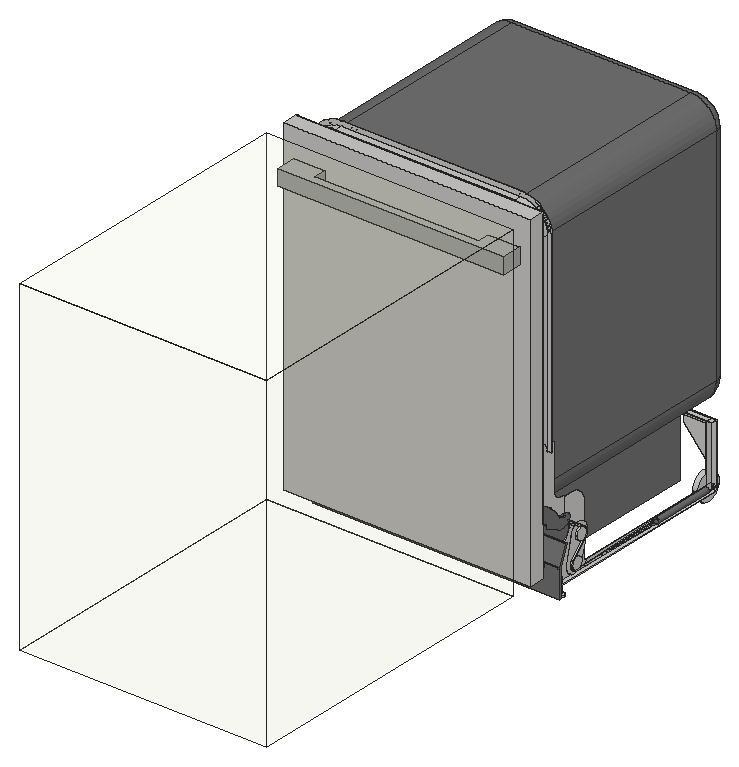
Revit family "P190780JX-055c_JDTSS246GM_Dish_Dishwashers", category Specialty Equipment, Revit 2026 (continued)
Automatic sketch dimensions
  Extrusion 37 sketch curve to Extrusion 37 sketch curve = 0.07354"
  Extrusion 37 sketch curve to Extrusion 37 sketch curve = 0.01784"
  level to Extrusion 37 sketch curve = 1.43771"
  Extrusion 37 sketch curve to Extrusion 37 sketch curve = 0.27285"
  Extrusion 37 sketch curve to Extrusion 37 sketch curve = 0.19875"
  Extrusion 37 sketch curve to Extrusion 37 sketch curve = 0.40743"
  level to Extrusion 37 sketch curve = 1.45221"
  Extrusion 37 sketch curve to Extrusion 37 sketch curve = 0.7705"
  Extrusion 37 sketch curve to Extrusion 37 sketch curve = 0.01236"
  level to Extrusion 37 sketch curve = 1.42092"
  Extrusion 37 sketch curve to Extrusion 37 sketch curve = 0.02328"
  level to Extrusion 37 sketch curve = 2.41085"
  Extrusion 37 sketch curve to Extrusion 37 sketch curve = 0.41239"
  level to Extrusion 37 sketch curve = 2.43249"
  Extrusion 37 sketch curve to Extrusion 37 sketch curve = 2.03913"
  Extrusion 37 sketch curve to Extrusion 37 sketch curve = 0.01738"
  Extrusion 37 sketch curve to Extrusion 37 sketch curve = 0.09487"
  Extrusion 37 sketch curve to Extrusion 37 sketch curve = 0.00092"
  Extrusion 37 sketch curve to Extrusion 37 sketch curve = 0.07729"
  Extrusion 37 sketch curve to Extrusion 37 sketch curve = 0.01583"
  Extrusion 37 sketch curve to Extrusion 37 sketch curve = 0.11747"
  Extrusion 37 sketch curve to Extrusion 37 sketch curve = 1.17962"
  Extrusion 37 sketch curve to Extrusion 37 sketch curve = 0.02696"
  Extrusion 37 sketch curve to Extrusion 37 sketch curve = 0.14276"
  Extrusion 37 sketch curve to Extrusion 37 sketch curve = 0.00058"
  Extrusion 37 sketch curve to Extrusion 37 sketch curve = 0.02567"
  Extrusion 37 sketch curve to Extrusion 37 sketch curve = 0.472"
  level to Extrusion 38 sketch curve = 2.09356"
  Extrusion 38 sketch curve to Extrusion 38 sketch curve = 0.55742"
  Extrusion 38 sketch curve to Extrusion 38 sketch curve = 0.81924"
  Extrusion 38 sketch curve to Extrusion 38 sketch curve = 0.92245"
  level to Extrusion 38 sketch curve = 1.65372"
  Extrusion 38 sketch curve to Extrusion 38 sketch curve = 205/256"
  level to Extrusion 38 sketch curve = 4.05493"
  Extrusion 38 sketch curve to Extrusion 38 sketch curve = 0.90164"
  Extrusion 38 sketch curve to Extrusion 38 sketch curve = 0.28594"
  Extrusion 39 sketch curve to Extrusion 38 = 0.84124"
  Extrusion 39 sketch curve to Extrusion 38 = 0.84877"
  Extrusion 39 sketch curve to Extrusion 39 sketch curve = 0.62586"
  Extrusion 39 sketch curve to Extrusion 39 sketch curve = 2.31949"
  Extrusion 20 to Extrusion 40 sketch curve = 0.25217"
  Extrusion 40 sketch curve to Extrusion 20 = 0.45207"
  Extrusion 41 sketch curve to Extrusion 20 = 0.45207"
  Extrusion 41 sketch curve to Extrusion 20 = 22.80934"
  Extrusion 20 to Extrusion 42 sketch curve = 17/64"
  Extrusion 20 to Extrusion 42 sketch curve = 0.27514"
  plane 1 "Center (Front/Back)" to Extrusion 43 sketch curve = 2 1/8"
  level to Extrusion 43 sketch curve = 1.27514"
  plane 5 to Extrusion 44 sketch curve = 0"
  plane 4 to Extrusion 44 sketch curve = 0"
  Extrusion 44 sketch curve to plane 6 = 0"
  level to Extrusion 44 sketch curve = 2.69323"
  plane 5 to Extrusion 45 sketch curve = 0.65892"
  Extrusion 45 sketch curve to Extrusion 45 sketch curve = 1/8"
  Extrusion 45 sketch curve to Extrusion 45 sketch curve = 1/32"
  Extrusion 45 to Extrusion 46 sketch curve = 0"  (x2)
  Extrusion 46 sketch curve to Extrusion 45 = 0"
  Extrusion 46 sketch curve to Extrusion 45 = 0.23335"
  Extrusion 46 sketch curve to Extrusion 45 = 1.1731"
  Extrusion 46 sketch curve to Extrusion 46 sketch curve = 1/4"  (x2)
  Extrusion 46 sketch curve to Extrusion 45 = 1.42731"
  Extrusion 46 sketch curve to Extrusion 46 sketch curve = 0.28387"
  Extrusion 46 sketch curve to Extrusion 46 sketch curve = 3/16"
  Extrusion 46 sketch curve to Extrusion 46 sketch curve = 0.15363"
  Extrusion 46 sketch curve to Extrusion 46 sketch curve = 0.03387"
  Extrusion 46 sketch curve to Extrusion 46 sketch curve = 0.91504"
  Extrusion 46 sketch curve to Extrusion 46 sketch curve = 3.74168"
  Extrusion 46 sketch curve to Extrusion 46 sketch curve = 0.10825"
  Extrusion 46 sketch curve to Extrusion 46 sketch curve = 0.05866"
  Extrusion 46 sketch curve to Extrusion 46 sketch curve = 0.49167"  (x2)
  Extrusion 47 sketch curve to Extrusion 47 sketch curve = 0"  (x3)
  level to Extrusion 47 sketch curve = 1.42528"
  Extrusion 47 sketch curve to Extrusion 47 sketch curve = 1/8"  (x3)
  Extrusion 47 sketch curve to Extrusion 47 sketch curve = 1.34295"
  Extrusion 47 sketch curve to Extrusion 47 sketch curve = 0.38575"
  Extrusion 47 sketch curve to Extrusion 47 sketch curve = 0.33471"
  Extrusion 47 sketch curve to Extrusion 47 sketch curve = 0.34137"
  Extrusion 47 sketch curve to Extrusion 47 sketch curve = 0.07158"
  Extrusion 47 sketch curve to Extrusion 47 sketch curve = 0.91478"
  Extrusion 47 sketch curve to Extrusion 47 sketch curve = 0.28706"
  Extrusion 47 sketch curve to Extrusion 47 sketch curve = 0.12795"
  Extrusion 47 sketch curve to Extrusion 47 sketch curve = 0.0003"
  Extrusion 47 sketch curve to Extrusion 47 sketch curve = 0.75089"
  Extrusion 47 sketch curve to Extrusion 47 sketch curve = 0.6448"
  Extrusion 47 sketch curve to Extrusion 47 sketch curve = 0.39198"
  Extrusion 47 sketch curve to Extrusion 47 sketch curve = 0.4431"
  level to Extrusion 47 sketch curve = 1"
  Extrusion 47 sketch curve to Extrusion 47 sketch curve = 1.69323"
  Extrusion 47 sketch curve to Extrusion 47 sketch curve = 0.58087"
  Extrusion 47 sketch curve to Extrusion 47 sketch curve = 0.24532"
  Extrusion 47 sketch curve to Extrusion 47 sketch curve = 0.24644"
  Extrusion 47 sketch curve to Extrusion 47 sketch curve = 0.28881"
  Extrusion 47 sketch curve to Extrusion 47 sketch curve = 0.28924"
  Extrusion 47 sketch curve to Extrusion 47 sketch curve = 0.34349"
  Extrusion 47 sketch curve to Extrusion 47 sketch curve = 1.02777"
  Extrusion 47 sketch curve to Extrusion 47 sketch curve = 0.5042"
  Extrusion 48 sketch curve to Extrusion 48 sketch curve = 0.2786"
  Extrusion 48 sketch curve to Extrusion 48 sketch curve = 0.07594"
  Extrusion 48 sketch curve to Extrusion 48 sketch curve = 0.25502"
  Extrusion 48 sketch curve to Extrusion 48 sketch curve = 0.40516"
  Extrusion 48 sketch curve to Extrusion 48 sketch curve = 0.09828"
  level to Extrusion 48 sketch curve = 8.89118"
  Extrusion 48 sketch curve to Extrusion 48 sketch curve = 1.42243"
  Extrusion 48 sketch curve to Extrusion 48 sketch curve = 0.24294"
  Extrusion 48 sketch curve to Extrusion 48 sketch curve = 0.20481"
  Extrusion 48 sketch curve to Extrusion 48 sketch curve = 0.26008"
  Extrusion 48 sketch curve to Extrusion 48 sketch curve = 0.25683"
  Extrusion 48 sketch curve to Extrusion 48 sketch curve = 0.01738"
  Extrusion 48 sketch curve to Extrusion 48 sketch curve = 0.21264"
  Extrusion 48 sketch curve to Extrusion 48 sketch curve = 1.08769"
  Extrusion 48 sketch curve to Extrusion 48 sketch curve = 0.39263"
  Extrusion 48 sketch curve to Extrusion 48 sketch curve = 1.08027"
  level to Extrusion 48 sketch curve = 0.4225"
  Extrusion 48 sketch curve to Extrusion 48 sketch curve = 0"  (x3)
  Extrusion 49 sketch curve to plane 4 = 0.78392"
  Extrusion 49 sketch curve to Extrusion 49 sketch curve = 1/8"
  Extrusion 49 sketch curve to Extrusion 49 sketch curve = 1/32"
  Extrusion 50 sketch curve to Extrusion 49 = 0"  (x3)
  Extrusion 50 sketch curve to Extrusion 49 = 0.23335"
  Extrusion 50 sketch curve to Extrusion 49 = 1.1731"
  Extrusion 50 sketch curve to Extrusion 50 sketch curve = 1/4"  (x2)
  Extrusion 50 sketch curve to Extrusion 49 = 1.42731"
  Extrusion 50 sketch curve to Extrusion 50 sketch curve = 0.28387"
  Extrusion 50 sketch curve to Extrusion 50 sketch curve = 3/16"
  Extrusion 50 sketch curve to Extrusion 50 sketch curve = 0.15363"
  Extrusion 50 sketch curve to Extrusion 50 sketch curve = 0.03387"
  Extrusion 50 sketch curve to Extrusion 50 sketch curve = 0.91504"
  Extrusion 50 sketch curve to Extrusion 50 sketch curve = 3.74168"
  Extrusion 50 sketch curve to Extrusion 50 sketch curve = 0.10825"
  Extrusion 50 sketch curve to Extrusion 50 sketch curve = 0.05866"
  Extrusion 50 sketch curve to Extrusion 50 sketch curve = 0.49167"  (x2)
  Extrusion 51 sketch curve to Extrusion 51 sketch curve = 0"  (x3)
  level to Extrusion 51 sketch curve = 1.42528"
  Extrusion 51 sketch curve to Extrusion 51 sketch curve = 1/8"  (x3)
  Extrusion 51 sketch curve to Extrusion 51 sketch curve = 1.34295"
  Extrusion 51 sketch curve to Extrusion 51 sketch curve = 0.38575"
  Extrusion 51 sketch curve to Extrusion 51 sketch curve = 0.33471"
  Extrusion 51 sketch curve to Extrusion 51 sketch curve = 0.34137"
  Extrusion 51 sketch curve to Extrusion 51 sketch curve = 0.07158"
  Extrusion 51 sketch curve to Extrusion 51 sketch curve = 0.91478"
  Extrusion 51 sketch curve to Extrusion 51 sketch curve = 0.28706"
  Extrusion 51 sketch curve to Extrusion 51 sketch curve = 0.12795"
  Extrusion 51 sketch curve to Extrusion 51 sketch curve = 0.0003"
  Extrusion 51 sketch curve to Extrusion 51 sketch curve = 0.75089"
  Extrusion 51 sketch curve to Extrusion 51 sketch curve = 0.6448"
  Extrusion 51 sketch curve to Extrusion 51 sketch curve = 0.39198"
  Extrusion 51 sketch curve to Extrusion 51 sketch curve = 0.4431"
  level to Extrusion 51 sketch curve = 2.69323"
  Extrusion 51 sketch curve to Extrusion 51 sketch curve = 0.58087"
  Extrusion 51 sketch curve to Extrusion 51 sketch curve = 0.24532"
  Extrusion 51 sketch curve to Extrusion 51 sketch curve = 0.24644"
  Extrusion 51 sketch curve to Extrusion 51 sketch curve = 0.28881"
  Extrusion 51 sketch curve to Extrusion 51 sketch curve = 0.28924"
  Extrusion 51 sketch curve to Extrusion 51 sketch curve = 0.34349"
  Extrusion 51 sketch curve to Extrusion 51 sketch curve = 1.02777"
  Extrusion 51 sketch curve to Extrusion 51 sketch curve = 0.5042"
  level to Extrusion 51 sketch curve = 1"
  plane 4 to Extrusion 52 sketch curve = 0"
  plane 5 to Extrusion 52 sketch curve = 0"
  Extrusion 52 sketch curve to plane 6 = 0"
  level to Extrusion 52 sketch curve = 2.69323"
  plane 5 to Extrusion 53 sketch curve = 0"
  plane 4 to Extrusion 53 sketch curve = 0"
  level to Extrusion 53 sketch curve = 7 15/32"
  plane 6 to Extrusion 53 sketch curve = 1/32"
  Extrusion 54 sketch curve to Extrusion 54 sketch curve = 0"  (x8)
  Extrusion 54 sketch curve to Extrusion 53 = 0.28392"
  Extrusion 54 sketch curve to Extrusion 54 sketch curve = 1/2"
  Extrusion 54 sketch curve to Extrusion 53 = 1/16"
  Extrusion 54 sketch curve to Extrusion 53 = 3.25267"  (x4)
  Extrusion 53 to Extrusion 54 sketch curve = 1/32"
  Extrusion 54 sketch curve to Extrusion 53 = 0.78392"
  Extrusion 55 sketch curve to plane 7 = 3/4"
  plane 7 to Extrusion 55 sketch curve = 0"
  curve 1 to plane 7 = 2"
  Extrusion 1 sketch curve to plane 7 = 6.42943"
  Extrusion 1 sketch curve to Extrusion 1 sketch curve = 0.6676"
  Extrusion 5 sketch curve to plane 7 = 9.46208"
  Extrusion 6 sketch curve to plane 7 = 5.7415"
  Extrusion 7 sketch curve to plane 7 = 6 3/32"
  Extrusion 12 sketch curve to plane 7 = 5.7415"
  Extrusion 13 sketch curve to plane 7 = 6.446"
  Extrusion 14 sketch curve to plane 7 = 6 3/32"
  Extrusion 15 sketch curve to Extrusion 15 sketch curve = 7.84733"
  Extrusion 16 sketch curve to plane 7 = 6.62687"
  Extrusion 16 sketch curve to Extrusion 16 sketch curve = 2 43/128"
  Extrusion 16 sketch curve to Extrusion 16 sketch curve = 0.39775"
  Extrusion 16 sketch curve to Extrusion 16 sketch curve = 0.87011"
  Extrusion 16 sketch curve to plane 7 = 1.84115"
  Extrusion 17 sketch curve to plane 7 = 6.42943"
  Extrusion 33 sketch curve to plane 7 = 7.05698"
  Extrusion 37 sketch curve to Extrusion 37 sketch curve = 7.84733"
  Extrusion 38 sketch curve to plane 7 = 7.05698"
  Extrusion 45 sketch curve to plane 7 = 6.9856"
  Extrusion 47 sketch curve to plane 7 = 9.33708"
  Extrusion 48 sketch curve to plane 7 = 6.62687"
  Extrusion 48 sketch curve to Extrusion 48 sketch curve = 2.23765"
  Extrusion 48 sketch curve to Extrusion 48 sketch curve = 0.39775"
  Extrusion 48 sketch curve to Extrusion 48 sketch curve = 0.87011"
  Extrusion 48 sketch curve to plane 7 = 1.84115"
  Extrusion 49 sketch curve to plane 7 = 6.9856"
  Extrusion 51 sketch curve to plane 7 = 9.33708"
  Extrusion 55 sketch curve to Extrusion 55 sketch curve = 2"  (x2)
  plane 5 to Extrusion 55 sketch curve = 4"
  plane 5 to Extrusion 55 sketch curve = 1"
  Extrusion 55 sketch curve to plane 4 = 4"
  Extrusion 55 sketch curve to plane 4 = 1"
  plane 7 to curve 6 = 0"
  curve 8 to plane 7 = 3/4"
  curve 5 to plane 4 = 1"
  plane 5 to curve 8 = 4"
  plane 5 to curve 6 = 1"
  curve 10 to curve 9 = 1 1/4"
  curve 7 to curve 6 = 2"
  curve 8 to curve 8 = 1 1/4"
  curve 5 to curve 5 = 2"
  curve 5 to curve 10 = 3"
  Blend 56 sketch curve to plane 4 = 1 1/2"
  level to Blend 56 sketch curve = 2.31823"  (x2)
  Blend 56 sketch curve to Blend 56 sketch curve = 3/8"  (x2)
  Blend 56 sketch curve to Blend 56 sketch curve = 1/8"
  Blend 56 sketch curve to plane 4 = 1 17/32"
  Blend 56 sketch curve to Blend 56 sketch curve = 3/32"
  Blend 57 sketch curve to plane 3 "Center (Left/Right)" = 0"  (x2)
  Blend 57 sketch curve to plane 3 "Center (Left/Right)" = 1/8"
  level to Blend 57 sketch curve = 2.31823"  (x2)
  Blend 57 sketch curve to Blend 57 sketch curve = 3/8"  (x2)
  Blend 57 sketch curve to plane 3 "Center (Left/Right)" = 3/32"
  level to Blend 58 sketch curve = 2.31823"  (x2)
  Blend 58 sketch curve to Blend 58 sketch curve = 3/8"  (x2)
  plane 5 to Blend 58 sketch curve = 1 1/2"
  Blend 58 sketch curve to Blend 58 sketch curve = 1/8"
  plane 5 to Blend 58 sketch curve = 1 17/32"
  Blend 58 sketch curve to Blend 58 sketch curve = 3/32"
  radius of Extrusion 2 sketch curve = 1/4"
  radius of Extrusion 7 sketch curve = 0.11142"
  radius of Extrusion 10 sketch curve to Extrusion 9 = 0"
  radius of Extrusion 14 sketch curve = 0.11142"
  radius of Extrusion 26 sketch curve = 1/4"
  radius of Sweep 27 sketch curve = 0.03171"
  radius of Sweep 28 sketch curve = 0.03171"
  radius of Extrusion 29 sketch curve = 1/4"
  radius of Sweep 30 sketch curve = 0.03171"
  radius of Sweep 31 sketch curve = 0.03171"
  radius of Extrusion 34 sketch curve = 0.56804"
  radius of Extrusion 34 sketch curve = 0.56808"
  radius of Sweep 35 sketch curve to Extrusion 10 = 0"  (x2)
  radius of Extrusion 39 sketch curve = 0.56804"
  radius of Extrusion 39 sketch curve = 0.56808"
  radius of Extrusion 40 sketch curve = 0.04001"
  radius of Extrusion 41 sketch curve = 0.04001"
  radius of Extrusion 42 sketch curve = 1.27514"
  radius of Extrusion 43 sketch curve = 1.27514"
  radius of Extrusion 47 sketch curve = 0.03157"
  radius of Extrusion 51 sketch curve = 0.03157"
Connectors (in)
  electrical at (0, 0.03125, 9.16406), driven by "Voltage"
    settings: on Extrusion 2, index 2, voltage 0 V, apparent load 0 VA, apparent load phase1 0 VA, apparent load phase2 0 VA, apparent load phase3 0 VA, power factor 1, load classification "Other", number of poles 1, system type 30, power factor state 1, is connector primary yes, connector utility no, sub classification motor no, connector description "Electrical Connection"
